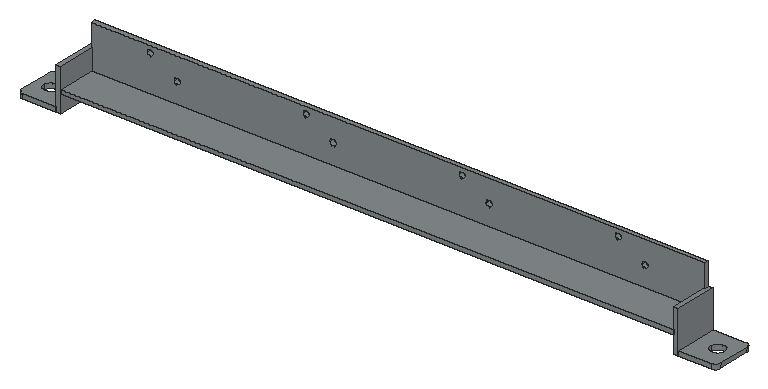
Revit family "Selector Valve Solenoid Bracket-JCI_Sapphire_Plus-(70bar)Novec1230", category Specialty Equipment, Revit 2017
Family settings
  Round Connector Dimension = Use Diameter
  Part Type = Normal
  OmniClass Number = 23.29.33.13.11
  Work Plane-Based = Yes
  Always vertical = No
  Cut with Voids When Loaded = No
  Shared = No
  Room Calculation Point = No
Parameters (values of type "30650014")
  Width [instance] = size_lookup(Unit Assembly, "Width of Channel", 1000.0 mm, Solenoid Bracket Type)  # 40.0 mm
  Weight = 0.00 lbf
  Unit Assembly = "Sapphire Plus_Solenoid Bracket Assembly"  # constant formula
  URL = "http://www.sapphireplus.com"
  Solenoid Bracket Type = 4
  Product Page URL = "http://www.sapphireplus.com"
  Product Material = "JCI - Iron - Gray"  # constant formula
  Product Documentation Link = "http://www.sapphireplus.com"
  Part Number [instance] = Model  # "30650014"
  Part Description [instance] = Description  # "Selector valve solenoid mounting bracket_4 Solenoids"
  Operating Temperature = 122 °F  # constant formula
  Model Disclaimer = "For More Information Contact JOHNSON CONTROLS"  # constant formula
  Model = if(Number of Holes = 2, "30650022", if(Number of Holes = 3, "30650013", "30650014"))  # "30650014"
  Length [instance] = size_lookup(Unit Assembly, "Length of Channel", 1000.0 mm, Solenoid Bracket Type)  # 650.0 mm
  Hole Diameter = size_lookup(Unit Assembly, "Hole Diameter", 1000.0 mm, Solenoid Bracket Type)  # 13.0 mm
  Number of Holes = 4
  Material = JCI - Iron - Gray
  Manufacturer = "Johnson Controls, Inc."  # constant formula
  Perfil Length = size_lookup(Unit Assembly, "Perfil Length", 1000.0 mm, Solenoid Bracket Type)  # 570.0 mm
  Perfil = size_lookup(Unit Assembly, "Perfil", 1000.0 mm, Solenoid Bracket Type)  # 620.0 mm
  Height [instance] = size_lookup(Unit Assembly, "Height", 1000.0 mm, Solenoid Bracket Type)  # 41.0 mm
  Fire Suppression Agent = "''3M Novec'' 1230 Fire Protection Fluid"  # constant formula
  Family Version = "1.0"  # constant formula
  Equipment Number [instance] = "--"  # constant formula
  Equipment Abbreviation = ""
  Discharge Flow = 0 GPM
  Description = if(Number of Holes = 2, "Selector valve solenoid mounting bracket_2 Solenoids", if(Number of Holes = 3, "Selector valve solenoid mounting bracket_3 Solenoids", "Selector valve solenoid mounting bracket_4 Solenoids"))  # "Selector valve solenoid mounting bracket_4 Solenoids"
  Default Elevation = 0.0 mm
  Date Modified = "YYYY/MM/DD"  # constant formula
  Date Created = "2018/09/12"  # constant formula
  Copyright © = "Copyright © 2001-2018 Johnson Controls Inc."  # constant formula
  Connection Holes = size_lookup(Unit Assembly, "Connection Holes", 1000.0 mm, Solenoid Bracket Type)  # 6.0 mm
Types (3, lengths in mm): name | Solenoid Bracket Type | Part Number | Part Description | Model | Length | Number of Holes | Perfil Length | Perfil | Height | Equipment Abbreviation | Description
  30650022 | 2 | "30650022" | "Selector valve solenoid mounting bracket_2 Solenoids" | "30650022" | 360.0 | 2 | 280.0 | 330.0 | 40.0 | "" | "Selector valve solenoid mounting bracket_2 Solenoids"
  30650013 | 3 | "30650013" | "Selector valve solenoid mounting bracket_3 Solenoids" | "30650013" | 505.0 | 3 | 425.0 | 475.0 | 41.0 | "XXX" | "Selector valve solenoid mounting bracket_3 Solenoids"
  30650014 | 4 | "30650014" | "Selector valve solenoid mounting bracket_4 Solenoids" | "30650014" | 650.0 | 4 | 570.0 | 620.0 | 41.0 | "" | "Selector valve solenoid mounting bracket_4 Solenoids"
Reference planes
  plane 1 "Center (Front/Back)": y = 0
  plane 2: z = 0
  plane 3 "Center (Left/Right)": x = 0
  plane 4 "Channel Support 1": y = 20
  plane 5 "Channel Support 2": y = -20
  plane 6 "Clamp Edge 1": x = -180
  plane 7 "Clamp Edge 2": x = 470
  plane 8 "Clamp Edge 3": x = -165
  plane 9 "Clamp Edge 5": x = 455
  plane 10: y = 16
  plane 11 "Channel Height 1": z = 60
  plane 12 "Connection Holes 5": z = 4
  plane 13 "Clamp Edge 4": x = -140
  plane 14 "Clamp Edge 6": x = 430
  plane 15 "Connection Holes": z = 39
  plane 16 "Clamp Right 1": x = 375
  plane 17 "Clamp Right 2": x = 350
  plane 18 "Channel Height 2": z = 54
  plane 19 "Clamp Right 3": x = 230
  plane 20 "Connection Holes 1": x = -85
  plane 21: z = 54
  plane 22: z = 54
Forms (mm)
  Extrusion 1, solid, material "JCI - Iron - Gray" <- "Material"
    sketch origin (0, 0, 20) x (1, 0, 0) y (0, 1, 0)
      loop
        line (-140, 20) -> (-140, 16) -> (430, 16) -> (430, 20) -> (-140, 20)
    from 0 to 40
  Extrusion 2, solid, material "JCI - Iron - Gray" <- "Material"
    sketch origin (0, 0, 16) x (1, 0, 0) y (0, 1, 0)
      loop
        line (-140, 20) -> (-140, -20) -> (430, -20) -> (430, 20) -> (-140, 20)
    from 0 to 4
  Extrusion 3, void
    sketch origin (0, 0, 0) x (1, 0, 0) y (0, 1, 0)
      loop
        circle (-165, 0) r 6.5
    from 0 to 4
  Extrusion 4, solid, material "JCI - Iron - Gray" <- "Material"
    sketch origin (0, 0, 0) x (1, 0, 0) y (0, 1, 0)
      loop
        arc (-175, 20) -> (-178.536, 18.536) -> (-180, 15) r 5
        line (-180, 15) -> (-180, -15)
        arc (-180, -15) -> (-178.536, -18.536) -> (-175, -20) r 5
        line (-175, -20) -> (-144, -20) -> (-144, 20) -> (-175, 20)
    from 0 to 4
  Extrusion 5, solid, material "JCI - Iron - Gray" <- "Material"
    sketch origin (0, 0, 0) x (1, 0, 0) y (0, 0, 1)
      loop
        line (-140, 0) -> (-140, 39) -> (-144, 39) -> (-144, 0) -> (-140, 0)
    from -20 to 20
  Extrusion 6, void
    sketch origin (0, 0, 0) x (-1, 0, 0) y (0, -1, 0)
      loop
        circle (-455, 0) r 6.5
    from 0 to 4
  Extrusion 7, solid, material "JCI - Iron - Gray" <- "Material"
    sketch origin (0, 0, 0) x (-1, 0, 0) y (0, -1, 0)
      loop
        line (-465, -20) -> (-434, -20) -> (-434, 20) -> (-465, 20)
        arc (-465, 20) -> (-468.536, 18.536) -> (-470, 15) r 5
        line (-470, 15) -> (-470, -15)
        arc (-470, -15) -> (-468.536, -18.536) -> (-465, -20) r 5
    from 0 to 4
  Extrusion 8, solid, material "JCI - Iron - Gray" <- "Material"
    sketch origin (0, 0, 0) x (-1, 0, 0) y (0, 0, -1)
      loop
        line (-430, 0) -> (-434, 0) -> (-434, -39) -> (-430, -39) -> (-430, 0)
    from -20 to 20
  Extrusion 9, void, not visible
    sketch origin (0, 0, 0) x (1, 0, 0) y (0, 0, 1)
      loop
        circle (60, 54) r 3
    from -20 to -16
  Extrusion 10, void, not visible
    sketch origin (25, 0, -14) x (1, 0, 0) y (0, 0, 1)
      loop
        circle (60, 53) r 3
    from -20 to -16
  Extrusion 11, void
    sketch origin (-145, 0, 0) x (1, 0, 0) y (0, 0, 1)
      loop
        circle (60, 54) r 3
    from -20 to -16
  Extrusion 12, void
    sketch origin (-120, 0, -14) x (1, 0, 0) y (0, 0, 1)
      loop
        circle (60, 53) r 3
    from -20 to -16
  Extrusion 13, void
    sketch origin (0, 0, 0) x (1, 0, 0) y (0, 0, 1)
      loop
        circle (60, 54) r 3
    from -20 to -16
  Extrusion 14, void
    sketch origin (25, 0, -14) x (1, 0, 0) y (0, 0, 1)
      loop
        circle (60, 53) r 3
    from -20 to -16
  Extrusion 15, void
    sketch origin (145, 0, 0) x (1, 0, 0) y (0, 0, 1)
      loop
        circle (60, 54) r 3
    from -20 to -16
  Extrusion 16, void
    sketch origin (170, 0, -14) x (1, 0, 0) y (0, 0, 1)
      loop
        circle (60, 53) r 3
    from -20 to -16
  Extrusion 17, void
    sketch origin (290, 0, 0) x (1, 0, 0) y (0, 0, 1)
      loop
        circle (60, 54) r 3
    from -20 to -16
  Extrusion 18, void
    sketch origin (315, 0, -14) x (1, 0, 0) y (0, 0, 1)
      loop
        circle (60, 53) r 3
    from -20 to -16
Cuts and joins
  Extrusion 3, Extrusion 6 cuts Extrusion 4
  Extrusion 6 cuts Extrusion 7
  Extrusion 11, Extrusion 12, Extrusion 13, Extrusion 14, Extrusion 15, Extrusion 16, Extrusion 17, Extrusion 18 cuts Extrusion 1
Lines and regions (mm)
  model lines, not visible
    curve 1: arc (-88, 16, 54) -> (-85, 16, 51) -> (-82, 16, 54) r 3
    curve 2: arc (-82, 16, 54) -> (-85, 16, 57) -> (-88, 16, 54) r 3
    curve 3: arc (88, 16, 39) -> (85, 16, 42) -> (82, 16, 39) r 3
    curve 4: arc (82, 16, 39) -> (85, 16, 36) -> (88, 16, 39) r 3
Dimensions and locks
  equal spacing: plane 5 "Channel Support 2", plane 1 "Center (Front/Back)", plane 4 "Channel Support 1"
  "Width": plane 4 "Channel Support 1" to plane 5 "Channel Support 2"
  plane 4 "Channel Support 1" to plane 10 = 4.0 mm
  plane 11 "Channel Height 1" to level = 60.0 mm
  plane 11 "Channel Height 1" to plane 15 "Connection Holes" = 21.0 mm
  plane 15 "Connection Holes" to level = 39.0 mm
  plane 12 "Connection Holes 5" to level = 4.0 mm
  plane 11 "Channel Height 1" to plane 18 "Channel Height 2" = 6.0 mm
  plane 14 "Clamp Edge 6" to plane 16 "Clamp Right 1" = 55.0 mm
  plane 16 "Clamp Right 1" to plane 17 "Clamp Right 2" = 25.0 mm
  plane 17 "Clamp Right 2" to plane 19 "Clamp Right 3" = 120.0 mm
  plane 20 "Connection Holes 1" to plane 13 "Clamp Edge 4" = 55.0 mm
  "Perfil Length": plane 13 "Clamp Edge 4" to plane 14 "Clamp Edge 6"
  "Length": plane 6 "Clamp Edge 1" to plane 7 "Clamp Edge 2"
  "Perfil": plane 8 "Clamp Edge 3" to plane 9 "Clamp Edge 5"
  equal spacing: group 2, group 3, group 4, group 5  (x3)
  locked: Extrusion 8 to Extrusion 8 at 4
  locked: Extrusion 5 to Extrusion 5 at 4
  locked: Extrusion 2 to level at 16
  locked: Extrusion 2 to level at 20
  "Hole Diameter": diameter of Extrusion 3 sketch curve
  "Hole Diameter": diameter of Extrusion 6 sketch curve
  "Connection Holes": diameter of Extrusion 9 sketch curve
  "Connection Holes": diameter of Extrusion 10 sketch curve
  "Connection Holes": diameter of Extrusion 11 sketch curve
  "Connection Holes": diameter of Extrusion 12 sketch curve
  "Connection Holes": diameter of Extrusion 13 sketch curve
  "Connection Holes": diameter of Extrusion 14 sketch curve
  "Connection Holes": diameter of Extrusion 15 sketch curve
  "Connection Holes": diameter of Extrusion 16 sketch curve
  "Connection Holes": diameter of Extrusion 17 sketch curve
  "Connection Holes": diameter of Extrusion 18 sketch curve
  aligned and locked: level to plane 2
  aligned and locked: Extrusion 1 sketch curve to plane 4 "Channel Support 1"
  aligned and locked: plane 10 to Extrusion 1 sketch curve
  aligned and locked: Extrusion 2 sketch curve to plane 5 "Channel Support 2"
  aligned and locked: plane 14 "Clamp Edge 6" to Extrusion 1
  aligned and locked: Extrusion 2 to Extrusion 1
  aligned and locked: plane 12 "Connection Holes 5" to Extrusion 3
  aligned and locked: Extrusion 4 sketch curve to plane 4 "Channel Support 1"
  aligned and locked: plane 6 "Clamp Edge 1" to Extrusion 4 sketch curve
  aligned and locked: plane 12 "Connection Holes 5" to Extrusion 4
  aligned and locked: cut or joined group of Extrusion 6, Extrusion 7 to plane 7 "Clamp Edge 2"
  aligned and locked: plane 4 "Channel Support 1" to cut or joined group of Extrusion 6, Extrusion 7
  aligned and locked: plane 4 "Channel Support 1" to Extrusion 1
  aligned and locked: Extrusion 1 to cut or joined group of Extrusion 3, Extrusion 4, Extrusion 6
  aligned and locked: plane 5 "Channel Support 2" to cut or joined group of Extrusion 3, Extrusion 4, Extrusion 6
  aligned and locked: plane 5 "Channel Support 2" to Extrusion 2
  aligned and locked: plane 5 "Channel Support 2" to cut or joined group of Extrusion 6, Extrusion 7
  aligned and locked: Extrusion 4 to Extrusion 5
  aligned and locked: Extrusion 7 to Extrusion 8
  aligned and locked: plane 11 "Channel Height 1" to Extrusion 1
  aligned and locked: plane 15 "Connection Holes" to Extrusion 5  (x3)
  aligned and locked: plane 15 "Connection Holes" to Extrusion 8  (x3)
  aligned and locked: plane 12 "Connection Holes 5" to cut or joined group of Extrusion 6, Extrusion 7
  aligned and locked: plane 12 "Connection Holes 5" to cut or joined group of Extrusion 3, Extrusion 4, Extrusion 6
  aligned and locked: plane 11 "Channel Height 1" to cut or joined group 1 (Extrusion 1, Extrusion 11, Extrusion 12, Extrusion 13, Extrusion 14, Extrusion 15, Extrusion 16, Extrusion 17, Extrusion 18)
  aligned and locked: curve 1 to cut or joined group 1
  aligned and locked: curve 2 to cut or joined group 1
  aligned and locked: curve 3 to cut or joined group 1
  aligned and locked: curve 4 to cut or joined group 1
  aligned and locked: plane 21 to cut or joined group 1
  aligned and locked: plane 18 "Channel Height 2" to plane 21
  aligned and locked: plane 22 to plane 18 "Channel Height 2"
  aligned and locked: plane 4 "Channel Support 1" to cut or joined group 1
  aligned and locked: plane 4 "Channel Support 1" to Extrusion 2
  aligned and locked: plane 13 "Clamp Edge 4" to cut or joined group 1
  aligned and locked: plane 14 "Clamp Edge 6" to cut or joined group 1
  aligned and locked: Extrusion 2 to Extrusion 5
  aligned and locked: Extrusion 2 to Extrusion 8
  aligned and locked: cut or joined group 1 to Extrusion 2
  aligned and locked: Extrusion 2 to cut or joined group 1
  aligned and locked: cut or joined group 1 to Extrusion 5
  aligned and locked: Extrusion 8 to cut or joined group 1
  aligned and locked: cut or joined group 1 to Extrusion 8
  aligned and locked: Extrusion 8 to level
  aligned and locked: Extrusion 5 to level
  aligned and locked: cut or joined group of Extrusion 3, Extrusion 4, Extrusion 6 to level
  aligned and locked: Extrusion 3 to level
  aligned and locked: cut or joined group of Extrusion 6, Extrusion 7 to level
  aligned and locked: plane 12 "Connection Holes 5" to Extrusion 6
Automatic sketch dimensions
  plane 13 "Clamp Edge 4" to Extrusion 1 sketch curve = 0.0 mm
  plane 14 "Clamp Edge 6" to Extrusion 1 sketch curve = 0.0 mm
  plane 13 "Clamp Edge 4" to Extrusion 2 sketch curve = 0.0 mm
  Extrusion 2 sketch curve to plane 14 "Clamp Edge 6" = 0.0 mm
  plane 4 "Channel Support 1" to Extrusion 2 sketch curve = 0.0 mm
  plane 5 "Channel Support 2" to Extrusion 4 sketch curve = 0.0 mm
  plane 6 "Clamp Edge 1" to Extrusion 4 sketch curve = 5.0 mm  (x2)
  plane 13 "Clamp Edge 4" to Extrusion 4 sketch curve = 4.0 mm
  Extrusion 5 sketch curve to level = 0.0 mm
  plane 15 "Connection Holes" to Extrusion 5 sketch curve = 0.0 mm
  plane 13 "Clamp Edge 4" to Extrusion 5 sketch curve = 0.0 mm
  Extrusion 5 sketch curve to Extrusion 5 sketch curve = 4.0 mm
  Extrusion 7 sketch curve to plane 7 "Clamp Edge 2" = 0.0 mm
  plane 5 "Channel Support 2" to Extrusion 7 sketch curve = 0.0 mm
  plane 4 "Channel Support 1" to Extrusion 7 sketch curve = 0.0 mm
  plane 7 "Clamp Edge 2" to Extrusion 7 sketch curve = 5.0 mm  (x2)
  plane 14 "Clamp Edge 6" to Extrusion 7 sketch curve = 4.0 mm
  Extrusion 8 sketch curve to level = 0.0 mm
  Extrusion 8 sketch curve to plane 15 "Connection Holes" = 0.0 mm
  Extrusion 8 sketch curve to plane 14 "Clamp Edge 6" = 0.0 mm
  Extrusion 8 sketch curve to Extrusion 8 sketch curve = 4.0 mm
  plane 1 "Center (Front/Back)" to Extrusion 3 sketch curve = 0.0 mm
  Extrusion 3 sketch curve to plane 8 "Clamp Edge 3" = 0.0 mm
  plane 1 "Center (Front/Back)" to Extrusion 6 sketch curve = 0.0 mm
  Extrusion 6 sketch curve to plane 9 "Clamp Edge 5" = 0.0 mm
